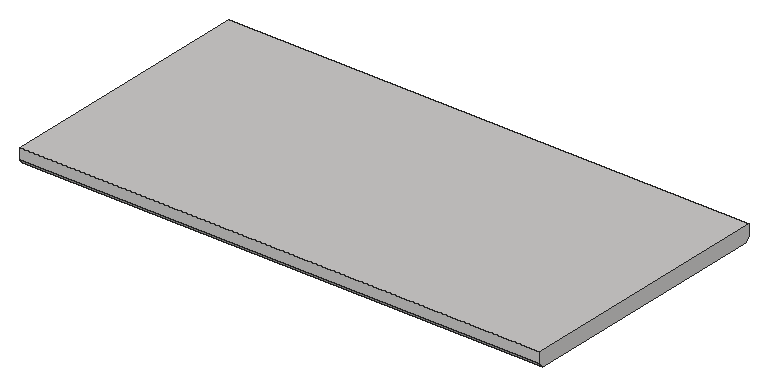
Revit family "QF_ELECTROLUXPROFESSIONAL_121116_TPLA14", category Attrezzature speciali, Revit 2020
Family settings
  Quota connettore circolare = Usa diametro
  Tipo di parte = Normale
  Basato su piano di lavoro = No
  Sempre verticale = Sì
  Taglio con vuoti quando caricato = No
  Condiviso = No
  Punto di calcolo locali = No
Parameters (values of type "Standard")
  Weight = 46.00 kg
  Watts = 0 W
  Volts = 0 V
  URL Manufacturer = "https://www.electroluxprofessional.com/"
  URL = "https://www.electroluxprofessional.com/"
  Steam Supply Size = 0 mm
  Steam Supply Minimum Pressure = 0.0 Pa
  Steam Supply Maximum Pressure = 0.0 Pa
  Steam Consumption per Hour = 0
  Refrigeration Suction Line Size = 0.0 mm
  Refrigeration Liquid Line Size = 0.0 mm
  Refrigerant Compressor Remote = yes
  Prospetto di default = 0.0 mm
  Phase = 0
  Modello = "TPLA14"
  Produttore = "Electrolux Professional"
  Length Actual = 1400.0 mm  # constant formula
  Item Number = "121116"
  Hot Water Size = 0 mm
  Height Actual = 40.0 mm  # constant formula
  HP = "0 HP"
  Gas Size = 0 mm
  Gas KW = 0
  Gas Input Pressure = 0 W
  Direct Waste Size = 0 mm
  Descrizione = "WORK TOP 1400MM"
  Depth Actual = 700.0 mm  # constant formula
  Cycle = 0 Hz
  Condensate Return Size = 0 mm
  Compressed Air Volume = 0.0 L/s
  Compressed Air Size = 0 mm
  Compressed Air Pressure = 0.0 Pa
  Cold Water Size = 0 mm
  Accessory = yes
Reference planes
  plane 1 "Center (Front/Back)": y = 0
  plane 2: z = 0
  plane 3 "Center (Left/Right)": x = -200
  plane 4 "LEFT": x = -900
  plane 5 "RIGHT": x = 500
  plane 6 "BACK": y = 350
  plane 7 "FRONT": y = -350
  plane 8 "TOP": z = 860
  plane 9 "BaseTop": z = 900
Forms (mm)
  Extrusion 1, solid, material "QF_Finishes_Stainless Steel"
    sketch origin (-200, 0, 0) x (0, 1, 0) y (0, 0, 1)
      loop
        line (-350, 900) -> (-350, 870) -> (-340, 860) -> (340, 860) -> (350, 870) -> (350, 900) -> (-350, 900)
    from 700 to -700
Lines and regions (mm)
  symbolic lines
    curve 1: line (500, 350, 860) -> (-900, 350, 860)
    curve 2: line (-900, 350, 860) -> (-900, -350, 860)
    curve 3: line (-900, -350, 860) -> (500, -350, 860)
    curve 4: line (500, -350, 860) -> (500, 350, 860)
Dimensions and locks
  plane 4 "LEFT" to plane 5 "RIGHT" = 1400.0 mm
  equal spacing: plane 4 "LEFT", plane 3 "Center (Left/Right)", plane 5 "RIGHT"
  plane 6 "BACK" to plane 7 "FRONT" = 700.0 mm
  equal spacing: plane 6 "BACK", plane 1 "Center (Front/Back)", plane 7 "FRONT"
  locked: plane 9 "BaseTop" to plane 8 "TOP" at 40
  plane 8 "TOP" to level = 860.0 mm
  aligned and locked: level to plane 2
  aligned and locked: Extrusion 1 to plane 4 "LEFT"
  aligned and locked: plane 5 "RIGHT" to Extrusion 1
  aligned and locked: curve 2 to plane 4 "LEFT"
  aligned and locked: plane 9 "BaseTop" to Extrusion 1 sketch curve
Automatic sketch dimensions
  curve 3 to plane 7 "FRONT" = 0.0 mm
  curve 4 to plane 6 "BACK" = 0.0 mm
  curve 4 to plane 5 "RIGHT" = 0.0 mm
  Extrusion 1 sketch curve to plane 7 "FRONT" = 0.0 mm
  level to Extrusion 1 sketch curve = 860.0 mm
  Extrusion 1 sketch curve to plane 6 "BACK" = 0.0 mm
  plane 7 "FRONT" to Extrusion 1 sketch curve = 10.0 mm
  level to Extrusion 1 sketch curve = 870.0 mm  (x2)
  Extrusion 1 sketch curve to plane 6 "BACK" = 10.0 mm
